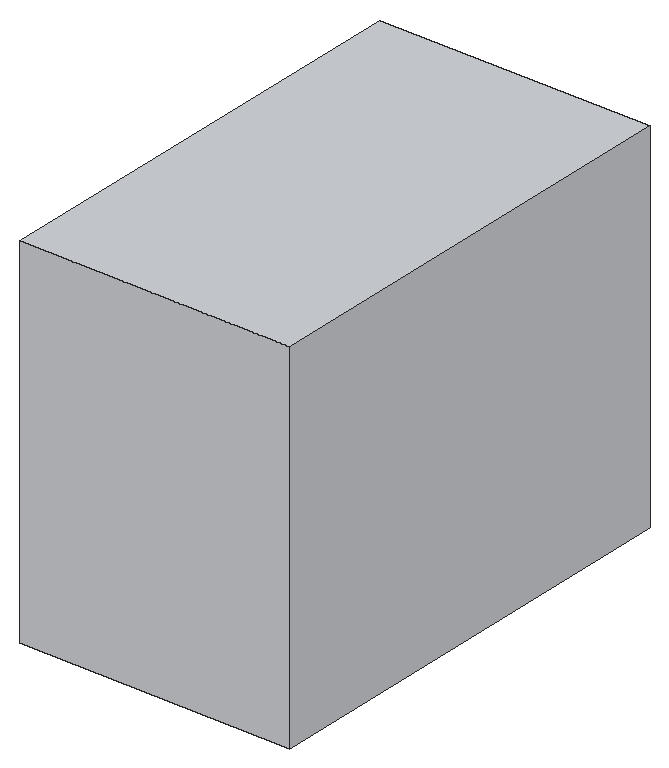
Revit family "XXX_RLT-Gerät_Schalldämpfer", category HLS-Bauteile, Revit 2014
Parameters (values of type "Allgemein")
  Breite = 500 mm
  Druckverlust [instance] = 0.00 in-wg
  Länge = 300 mm
  Symbollänge 2 [instance] = Symbollänge 1 / 2  # 50 mm
  Symbollänge 1 [instance] = Länge / 3  # 100 mm
  Symbolhöhe 2 [instance] = Höhe / 2 - 20 mm  # 180 mm
  Symbolhöhe 1 [instance] = Breite / 2 - 20 mm  # 230 mm
  Höhe = 400 mm
  Widerstandsbeiwert [instance] = 0
Reference planes
  plane 1 "Mitte (Vorne/Hinten)": y = 0
  plane 2: z = 0
  plane 3 "Mitte (Links/Rechts)": x = 0
  plane 4: y = 250
  plane 5: y = -250
  plane 6: x = -150
  plane 7: x = 150
  plane 8: z = 200
  plane 9: z = -200
  plane 10: z = 230
  plane 11: y = -280
  plane 12: z = -230
  plane 13: y = 280
  plane 14: x = -145
  plane 15: x = 145
  plane 16: y = 20
  plane 17: y = -20
  plane 18: z = -20
  plane 19: z = 20
Forms (mm)
  Extrusion 1, solid, detail levels medium+fine
    sketch origin (-150, 397.271, 1219.2) x (0, 1, 0) y (0, 0, 1)
      loop
        line (-147.271, -1019.2) -> (-647.271, -1019.2) -> (-647.271, -1419.2) -> (-147.271, -1419.2) -> (-147.271, -1019.2)
    from 0 to 300
Lines and regions (mm)
  model lines, detail levels coarse
    curve 1: line (-150, 250, 0) -> (150, 250, 0)
    curve 2: line (-150, -250, 0) -> (-150, 250, 0)
    curve 3: line (150, -250, 0) -> (-150, -250, 0)
    curve 4: line (150, 250, 0) -> (150, -250, 0)
    curve 5: line (-100, 250, 0) -> (-100, 20, 0)
    curve 6: line (100, 250, 0) -> (100, 20, 0)
    curve 7: line (-50, -20, 0) -> (-50, -250, 0)
    curve 8: line (0, -20, 0) -> (0, -250, 0)
    curve 9: line (50, -20, 0) -> (50, -250, 0)
    curve 25: line (-150, 0, 200) -> (150, 0, 200)
    curve 26: line (-150, 0, -200) -> (-150, 0, 200)
    curve 27: line (150, 0, -200) -> (-150, 0, -200)
    curve 28: line (150, 0, 200) -> (150, 0, -200)
    curve 29: line (-100, 0, -20) -> (-100, 0, -200)
    curve 30: line (-50, 0, 20) -> (-50, 0, 200)
    curve 31: line (0, 0, -20) -> (0, 0, -200)
    curve 32: line (50, 0, 20) -> (50, 0, 200)
    curve 33: line (100, 0, -20) -> (100, 0, -200)
    curve 34: line (0, 250, -200) -> (0, -250, -200)
    curve 35: line (0, 250, 200) -> (0, 250, -200)
    curve 36: line (0, -250, 200) -> (0, 250, 200)
    curve 37: line (0, -250, -200) -> (0, -250, 200)
  model lines, detail levels medium+fine
    curve 10: line (-100, -20, 200) -> (-100, -250, 200)
    curve 11: line (-50, 20, 200) -> (-50, 250, 200)
    curve 12: line (0, -20, 200) -> (0, -250, 200)
    curve 13: line (50, 20, 200) -> (50, 250, 200)
    curve 14: line (100, -20, 200) -> (100, -250, 200)
    curve 15: line (-100, -250, -200) -> (-100, -250, -20)
    curve 16: line (-50, -250, 200) -> (-50, -250, 20)
    curve 17: line (0, -250, -20) -> (0, -250, -200)
    curve 18: line (50, -250, 20) -> (50, -250, 200)
    curve 19: line (100, -250, -20) -> (100, -250, -200)
    curve 20: line (100, 250, -200) -> (100, 250, -20)
    curve 21: line (50, 250, 200) -> (50, 250, 20)
    curve 22: line (0, 250, -20) -> (0, 250, -200)
    curve 23: line (-50, 250, 200) -> (-50, 250, 20)
    curve 24: line (-100, 250, -20) -> (-100, 250, -200)
Dimensions and locks
  equal spacing: plane 6, plane 3 "Mitte (Links/Rechts)", plane 7
  "Länge": plane 6 to plane 7
  equal spacing: plane 5, plane 1 "Mitte (Vorne/Hinten)", plane 4
  equal spacing: plane 8, level, plane 9
  "Höhe": plane 8 to plane 9
  "Breite": plane 5 to plane 4
  plane 10 to plane 8 = 30 mm
  plane 12 to plane 9 = 30 mm
  plane 13 to plane 4 = 30 mm
  plane 5 to plane 11 = 30 mm
  plane 6 to plane 14 = 5 mm
  plane 15 to plane 7 = 5 mm
  "Symbolhöhe 1": plane 4 to plane 16
  "Symbolhöhe 1": plane 5 to plane 17
  "Symbolhöhe 2": plane 18 to plane 9
  "Symbolhöhe 2": plane 8 to plane 19
  "Symbolhöhe 1": curve 10 to curve 10
  "Symbolhöhe 1": curve 11 to curve 11
  "Symbolhöhe 1": curve 5 to curve 5
  "Symbolhöhe 1": curve 12 to curve 12
  "Symbolhöhe 1": curve 13 to curve 13
  "Symbolhöhe 1": curve 6 to curve 6
  "Symbolhöhe 1": curve 14 to curve 14
  "Symbollänge 2": curve 10 to curve 11
  "Symbollänge 2": curve 11 to curve 12
  "Symbollänge 2": curve 12 to curve 13
  "Symbollänge 2": curve 13 to curve 14
  "Symbollänge 2": curve 19 to curve 18
  "Symbollänge 2": curve 17 to curve 18
  "Symbollänge 2": curve 16 to curve 17
  "Symbollänge 2": curve 15 to curve 16
  "Symbolhöhe 2": curve 15 to curve 15
  "Symbolhöhe 2": curve 16 to curve 16
  "Symbolhöhe 2": curve 18 to curve 18
  "Symbolhöhe 2": curve 19 to curve 19
  "Symbolhöhe 2": curve 17 to curve 17
  "Symbolhöhe 2": curve 30 to curve 30
  "Symbolhöhe 2": curve 32 to curve 32
  "Symbolhöhe 2": curve 29 to curve 29
  "Symbolhöhe 2": curve 31 to curve 31
  "Symbolhöhe 2": curve 33 to curve 33
  "Symbollänge 2": curve 29 to curve 30
  "Symbollänge 2": curve 17 to curve 30
  "Symbollänge 2": curve 17 to curve 32
  "Symbollänge 2": curve 33 to curve 32
  aligned and locked: plane 2 to level
  aligned and locked: plane 7 to Extrusion 1
  aligned and locked: Extrusion 1 to plane 6
  aligned and locked: plane 8 to Extrusion 1
  aligned and locked: plane 9 to Extrusion 1
  aligned and locked: plane 5 to Extrusion 1
  aligned and locked: plane 4 to Extrusion 1
  aligned and locked: curve 1 to Extrusion 1
  aligned and locked: curve 2 to Extrusion 1
  aligned and locked: curve 3 to Extrusion 1
  aligned and locked: curve 4 to Extrusion 1
  aligned and locked: curve 20 to curve 19
  aligned and locked: curve 21 to curve 18
  aligned and locked: curve 24 to curve 15
  aligned and locked: curve 22 to curve 17
  aligned and locked: curve 23 to curve 16
  aligned and locked: curve 25 to Extrusion 1
  aligned and locked: curve 26 to Extrusion 1
  aligned and locked: curve 27 to Extrusion 1
  aligned and locked: curve 28 to Extrusion 1
  aligned and locked: plane 8 to curve 30
  aligned and locked: plane 9 to curve 29
  aligned and locked: curve 34 to Extrusion 1
  aligned and locked: curve 35 to Extrusion 1
  aligned and locked: curve 36 to Extrusion 1
  aligned and locked: curve 37 to Extrusion 1
Automatic sketch dimensions
  Extrusion 1 sketch curve to plane 5 = 0 mm
  Extrusion 1 sketch curve to plane 4 = 0 mm
  plane 9 to Extrusion 1 sketch curve = 0 mm
  Extrusion 1 sketch curve to plane 8 = 0 mm
  curve 23 to plane 19 = 0 mm
  curve 23 to plane 8 = 0 mm
  curve 20 to plane 9 = 0 mm
  curve 22 to plane 9 = 0 mm
  curve 24 to plane 9 = 0 mm
  curve 22 to plane 18 = 0 mm
  curve 20 to plane 18 = 0 mm
  curve 24 to plane 18 = 0 mm
  curve 21 to plane 19 = 0 mm
  curve 21 to plane 8 = 0 mm
  curve 12 to plane 3 "Mitte (Links/Rechts)" = 0 mm
  plane 5 to curve 12 = 0 mm
  plane 5 to curve 10 = 0 mm
  plane 5 to curve 14 = 0 mm
  plane 16 to curve 13 = 0 mm
  plane 16 to curve 11 = 0 mm
  plane 17 to curve 7 = 0 mm
  curve 8 to plane 3 "Mitte (Links/Rechts)" = 0 mm
  plane 17 to curve 9 = 0 mm
  plane 17 to curve 8 = 0 mm
  plane 14 to curve 5 = 45 mm
  curve 7 to curve 8 = 50 mm
  plane 3 "Mitte (Links/Rechts)" to curve 9 = 50 mm
  curve 6 to plane 15 = 45 mm
  curve 15 to plane 18 = 0 mm
  curve 16 to plane 19 = 0 mm
  curve 17 to plane 3 "Mitte (Links/Rechts)" = 0 mm
  curve 17 to plane 9 = 0 mm
  curve 19 to plane 9 = 0 mm
  curve 18 to plane 19 = 0 mm
  curve 31 to plane 3 "Mitte (Links/Rechts)" = 0 mm
Connectors
  hvac at (-150, 0, 0), driven by "Widerstandsbeiwert", driven by "Breite", driven by "Höhe"
    settings: on Extrusion 1, index 1, duct flow 0 CFM, flow factor 0, pres drop 0.00 in-wg, loss coef 0, conn angle 0.00°, conn width 500 mm, conn height 400 mm, conn diameter 609.6 mm, duct sys type 29, conn prof type 1, flow config 0, flow direction 0, loss method 6, conn ref index 2, conn util no, is conn primary yes, conn desc ""
  hvac at (150, 0, 0), driven by "Widerstandsbeiwert", driven by "Breite", driven by "Höhe"
    settings: on Extrusion 1, index 2, duct flow 0 CFM, flow factor 0, pres drop 0.00 in-wg, loss coef 0, conn angle 0.00°, conn width 500 mm, conn height 400 mm, conn diameter 609.6 mm, duct sys type 29, conn prof type 1, flow config 0, flow direction 0, loss method 6, conn ref index 1, conn util no, is conn primary no, conn desc ""
